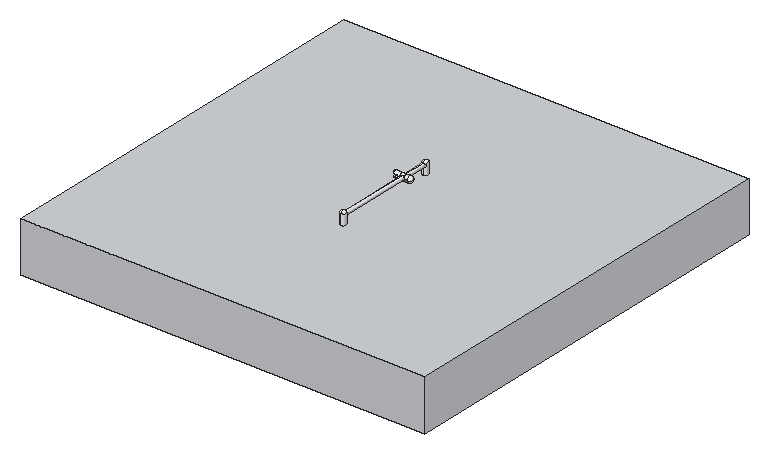
Revit family "Plumbing_Fixture-Grohe-Tempesta-Shower-Rail-600mm-27523000-13-METRIC", category Furniture, host Face, Revit 2013
Parameters (values of type "Rainshower Shower Rail 27523000")
  _distributed by = "www.bimstore.co.uk"
  _current revision = 1
  _created by = "Connor Laing"
  _BIMspec_GUID = 0
  WarrantyStartDate = ""
  WarrantyGuarantorParts = ""
  WarrantyGuarantorLabor = ""
  WarrantyDurationUnit = "Years"  # constant formula
  WarrantyDurationParts = ""
  WarrantyDurationLabor = ""
  WarrantyDuration = ""
  WarrantyDescription = ""
  Warranty Infomation = "N/A"
  Uniclass2 = "Pr_40_30_96"  # constant formula
  URL = "www.grohe.com"
  TypeName = Model  # "Rainshower shower rail 600"
  Type Comments = "Shower Rail, 600mm, adjustable distance between wall shower holders for adaption to existing drillings"
  TagNumber = 0
  SpareParts = ""
  Spare Parts List = "http://www.grohe.co.uk/en_gb/shower-rail-600-mm-27523000.html"
  Size = ""
  Shape = ""
  SerialNumber = 0
  ReplacementCost = ""
  ReferencedStandard = ""
  ProductionYear = ""
  Product Page URL = "http://www.grohe.co.uk/en_gb/shower-rail-600-mm-27523000.html"
  Percentage of Recycled Content = 0
  Name = Model  # "Rainshower shower rail 600"
  Mounting Bracket 2 Offset [instance] = 20 mm
  Mounting Bracket 1 Offset [instance] = 20 mm
  ModelNumber = ""
  Model = "Rainshower shower rail 600"
  Material = ""
  Masterformat Title [instance] = "Residential Faucets, Supplies, and Trim"
  Masterformat Number [instance] = "22 41 39"
  Manufacturer = "Grohe AG"
  MaintenanceInformation = "http://cdn08.grohe.com/lib/1/tpi/1769293.pdf"
  Low Emitting Material = yes
  Length = 620 mm
  LEED Credit = ""
  Keynote = "N13"
  InstallationDate = ""
  Industry Standards = "N/A"
  Hose Holder Height [instance] = 160 mm
  Grade = ""
  Finish = ""
  Features = ""
  Faucet Material = Grohe-Chrome
  Extidentifier = ""
  ExpectedLife = 0
  Ecojoy = no
  DurationUnit = "Years"  # constant formula
  DocumentationTechnical = "http://www.grohe.co.uk/pim/profile/1000000/300000/80000/1000/400/208665.pdf"
  DocumentationLiterature = "http://www.grohe.co.uk/en_gb/shower-rail-600-mm-27523000.html"
  DocumentationInstallationGuide = "http://www.grohe.co.uk/pim/profile/1000000/300000/80000/1000/400/208665.pdf"
  DocumentationCertificates = "http://www.grohe.co.uk/en_gb/shower-rail-600-mm-27523000.html"
  Description = "Shower rail, 600mm with wall holders made of metal, glide element and swivel holder, adjustable distance between wall shower holders for adaption to existing drillings."
  Default Elevation = 600 mm
  CreatedOn = "March 2015"  # constant formula
  CreatedBy = "info-uk@grohe.com"  # constant formula
  Cost = 0
  Contact Grohe = "GROHE Limited, World Business Centre 2, Newall Road, London Heathrow Airport, Hounslow, Middlesex, TW6 2SF - Tel: +44 (0) 871 200 3414 - Fax: +44 (0) 871 200 3415 - EMail: info-uk@grohe.com"
  Constituents = ""
  Color = ""
  CodePerformance = ""
  ClassificationValue = "L725111"  # constant formula
  ClassificationName = "Uniclass 1.4"  # constant formula
  Bracket Width = 30 mm
  Barcode = 0
  AssetType = "Fixed"  # constant formula
  AssetIdentifier = ""
  Assembly Code = "C1030220"
  AccessibilityPerformance = ""
  ADA Compliant = yes
Reference planes
  plane 1 "Center (Front/Back)": y = 0
  plane 2: z = 0
  plane 3 "Center (Left/Right)": x = 0
  plane 4: z = 0
  plane 5: x = -10.5
  plane 6: x = 10.5
  plane 7: y = -310
  plane 8: y = 310
  plane 9: z = 40
  plane 10: z = 61
  plane 11: z = 50.5
  plane 12: y = 150
  plane 13: x = 50
  plane 14: x = -66.299
Forms (mm)
  Extrusion 1, solid
    sketch origin (0, 0, 0) x (1, 0, 0) y (0, 1, 0)
      loop
        line (-1219.2, 1219.2) -> (-1219.2, -1219.2) -> (1219.2, -1219.2) -> (1219.2, 1219.2) -> (-1219.2, 1219.2)
    from 0 to -304.8
  Revolve 2, solid, material "Grohe-Chrome" <- "Faucet Material", detail levels medium+fine
    sketch origin (0, 0, 0) x (0, 1, 0) y (0, 0, 1)
      loop
        arc (-310, 61) -> (-313.829, 56.358) -> (-315.2, 50.5) r 13.201
        line (-315.2, 50.5) -> (315.921, 50.5)
        arc (315.921, 50.5) -> (314.238, 56.47) -> (310, 61) r 13.118
        line (310, 61) -> (-310, 61)
      axis (315.921, 50.5) -> (-315.2, 50.5)
    angle from 0 to 360
  Revolve 3, solid, material "Grohe-Chrome" <- "Faucet Material", detail levels medium+fine
    sketch origin (0, 0, 0) x (0, 1, 0) y (0, 0, 1)
      loop
        arc (-310, 72.5) -> (-319.451, 69.294) -> (-325, 61) r 15.533
        line (-325, 61) -> (-325, 0) -> (-310, 0) -> (-310, 72.5)
      axis (-310, 72.5) -> (-310, 0)
    angle from 0 to 360
  Revolve 4, solid, material "Grohe-Chrome" <- "Faucet Material", detail levels medium+fine
    sketch origin (0, 0, 0) x (0, -1, 0) y (0, 0, 1)
      loop
        arc (-310, 72.5) -> (-319.451, 69.294) -> (-325, 61) r 15.533
        line (-325, 61) -> (-325, 0) -> (-310, 0) -> (-310, 72.5)
      axis (-310, 72.5) -> (-310, 0)
    angle from 0 to 360
  Revolve 5, solid, material "Grohe-Chrome" <- "Faucet Material", detail levels medium+fine
    sketch origin (0, -95.345, 50.5) x (0, 1, 0) y (-1, 0, 0)
      loop
        line (245.345, 66.16) -> (245.345, -49.898)
        arc (245.345, -49.898) -> (257.219, -46.324) -> (262.345, -35.032) r 15
        line (262.345, -35.032) -> (262.345, -12.001) -> (261.342, -11.299) -> (262.345, -11.299) -> (262.345, 11.299) -> (261.342, 11.299) -> (262.345, 12.001) -> (262.345, 51.294)
        arc (262.345, 51.294) -> (257.219, 62.586) -> (245.345, 66.16) r 15
      axis (245.345, 66.16) -> (245.345, -49.898)
    angle from 0 to 360
  Extrusion 6, void
    sketch origin (0, 0, 0) x (1, 0, 0) y (0, 0, 1)
      loop
        arc (-48.439, 61.41) -> (-51.822, 62.967) -> (-55.508, 63.5) r 13
        line (-55.508, 63.5) -> (-66.969, 63.5) -> (-66.969, 37.5) -> (-55.508, 37.5)
        arc (-55.508, 37.5) -> (-51.822, 38.033) -> (-48.439, 39.59) r 13
        arc (-48.439, 39.59) -> (-45.176, 40.555) -> (-41.914, 39.59) r 6
        arc (-41.914, 39.59) -> (-21.844, 50.5) -> (-41.914, 61.41) r 13
        arc (-41.914, 61.41) -> (-45.176, 60.445) -> (-48.439, 61.41) r 6
    from -167.822 to -113.26
  Extrusion 7, solid, material "Grohe-Chrome" <- "Faucet Material", detail levels medium+fine
    sketch origin (0, 0, 0) x (0, 1, 0) y (0, 0, 1)
      loop
        line (165.721, 55.993) -> (162.885, 55.993) -> (162.885, 45.993) -> (165.729, 45.993)
        arc (165.729, 45.993) -> (168.082, 46.758) -> (169.534, 48.761) r 4
        arc (169.534, 48.761) -> (169.887, 50.984) -> (169.54, 53.209) r 7.246
        arc (169.54, 53.209) -> (168.084, 55.223) -> (165.721, 55.993) r 4.01
    from 14.504 to 35.958
Cuts and joins
  Extrusion 6 cuts Revolve 5
  joined: Revolve 2, Revolve 3, Revolve 4, Revolve 5, Extrusion 7
Dimensions and locks
  locked: plane 5 to plane 6 at 21
  equal spacing: plane 5, plane 3 "Center (Left/Right)", plane 6
  "Length": plane 8 to plane 7
  equal spacing: plane 8, plane 1 "Center (Front/Back)", plane 7
  locked: plane 9 to plane 10 at 21
  equal spacing: plane 10, plane 11, plane 9
  "Hose Holder Height": plane 8 to plane 12
  Extrusion 1 to plane 10 = 61 mm
  plane 14 to plane 3 "Center (Left/Right)" = 66.299 mm
  plane 3 "Center (Left/Right)" to plane 13 = 50 mm
  aligned and locked: plane 2 to Extrusion 1
  aligned and locked: level to Extrusion 1
  aligned and locked: plane 11 to Revolve 2 sketch curve  (x2)
  aligned and locked: plane 8 to Revolve 2 sketch curve
  aligned and locked: plane 7 to Revolve 2 sketch curve
  aligned and locked: plane 7 to Revolve 3 sketch curve
  aligned and locked: Revolve 4 sketch curve to Revolve 4 sketch curve
  aligned and locked: Revolve 5 sketch curve to plane 12
Automatic sketch dimensions
  Extrusion 1 sketch curve to Extrusion 1 sketch curve = 2438.4 mm  (x2)
  plane 10 to Revolve 2 sketch curve = 0 mm
  plane 7 to Revolve 2 sketch curve = 5.2 mm
  Revolve 2 sketch curve to plane 8 = 5.921 mm
  Revolve 2 sketch curve to Revolve 2 sketch curve = 96.439 mm
  Revolve 2 sketch curve to plane 11 = 0.473 mm
  Revolve 2 sketch curve to Revolve 2 sketch curve = 24.821 mm
  Revolve 3 sketch curve to level = 0 mm
  plane 10 to Revolve 3 sketch curve = 0 mm
  Revolve 3 sketch curve to plane 7 = 0 mm
  Revolve 3 sketch curve to Revolve 3 sketch curve = 15 mm
  Revolve 3 sketch curve to level = 382.268 mm
  Revolve 4 sketch curve to level = 0 mm
  plane 10 to Revolve 4 sketch curve = 0 mm
  Revolve 4 sketch curve to plane 8 = 0 mm
  Revolve 4 sketch curve to Revolve 4 sketch curve = 15 mm
  Revolve 4 sketch curve to Revolve 4 sketch curve = 382.268 mm
  Revolve 3 sketch curve to plane 10 = 11.5 mm
  Revolve 3 sketch curve to Revolve 3 sketch curve = 598.329 mm
  plane 10 to Revolve 4 sketch curve = 11.5 mm
  Revolve 4 sketch curve to Revolve 4 sketch curve = 598.329 mm
  plane 6 to Revolve 5 sketch curve = 0.799 mm
  plane 12 to Revolve 5 sketch curve = 15.997 mm  (x2)
  Revolve 5 sketch curve to plane 13 = 0.102 mm
  Revolve 5 sketch curve to plane 12 = 0 mm
  Revolve 5 sketch curve to plane 5 = 0.799 mm
  plane 12 to Revolve 5 sketch curve = 17 mm  (x3)
  plane 12 to Revolve 5 sketch curve = 2 mm  (x2)
  Revolve 5 sketch curve to Revolve 5 sketch curve = 0.702 mm  (x2)
  plane 14 to Revolve 5 sketch curve = 15.005 mm
  plane 13 to Revolve 5 sketch curve = 298.891 mm
  Revolve 5 sketch curve to plane 14 = 191.53 mm
  Extrusion 6 sketch curve to Extrusion 6 sketch curve = 0 mm  (x4)
  Extrusion 6 sketch curve to plane 9 = 2.5 mm
  plane 14 to Extrusion 6 sketch curve = 10.791 mm
  Extrusion 6 sketch curve to plane 10 = 2.5 mm
  Extrusion 6 sketch curve to plane 11 = 0 mm  (x2)
  Extrusion 6 sketch curve to plane 14 = 0.67 mm
  Extrusion 6 sketch curve to plane 10 = 0.41 mm  (x2)
  Extrusion 6 sketch curve to plane 9 = 0.41 mm
  Extrusion 6 sketch curve to plane 10 = 5.445 mm
  Extrusion 6 sketch curve to plane 9 = 5.445 mm
  Extrusion 6 sketch curve to Extrusion 6 sketch curve = 3.263 mm
  plane 10 to Extrusion 7 sketch curve = 5.007 mm
  plane 12 to Extrusion 7 sketch curve = 12.885 mm
  Extrusion 7 sketch curve to plane 11 = 4.507 mm
  Extrusion 7 sketch curve to Extrusion 7 sketch curve = 2.844 mm
  Extrusion 7 sketch curve to Extrusion 7 sketch curve = 2.836 mm
  plane 11 to Extrusion 7 sketch curve = 0.493 mm
  Extrusion 7 sketch curve to Extrusion 7 sketch curve = 3.088 mm
  Extrusion 7 sketch curve to Extrusion 7 sketch curve = 0.005 mm
  Extrusion 7 sketch curve to Extrusion 7 sketch curve = 0 mm
